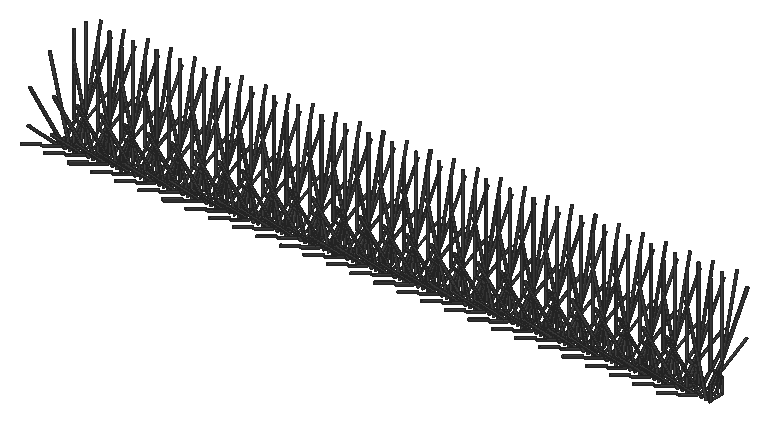
Revit family "Speciality_Equipment-Nixalite-Bird_Barrier_Strips_Model-S", category Specialty Equipment, host Face, Revit 2012
Parameters (values of type "2 Foot Strip")
  URL = "http://www.nixalite.com/default.aspx"
  Strip Material = Metal - Nixalite - Stainless Steel - Black
  Spike Material = Metal - Nixalite - Stainless Steel - Black
  Soft Tip Option = yes
  Product Page URL = "http://www.nixalite.com/nixalitemodels.aspx#Premium_Model_S"
  Product Documentation Link = "http://www.nixalite.com/PDFs/Nixalite%20Strip%20CSI.pdf"
  Model = "S"
  Manufacturer = "Nixalite"
  Description = "Premium Bird Barrier Strips"
  Default Elevation = 4' - 0"
  Assembly Code = "E1090900"
  4 Foot Strip Visibility = not([2 Foot Strip Visibility])  # no
  4 Foot Strip = 4' - 0"
  2 Foot Strip Visibility = yes
  2 Foot Strip = 2' - 0"
Types (3): name | 4 Foot Strip Visibility | 2 Foot Strip Visibility
  (no name) | no | yes
  4 Foot Strip | yes | no
  2 Foot Strip | no | yes
Reference planes (in)
  plane 1 "Center (Front/Back)": y = 0
  plane 2: z = 0
  plane 3 "Center (Left/Right)": x = 0
  plane 4: x = 24
  plane 5: x = -24
  plane 6: x = -22.28125
  plane 7: x = -12
  plane 8: x = 12
  plane 9: x = -23.14062
  plane 10: x = -22.28125
  plane 11: x = -21.42187
  plane 12: x = -20.5625
  plane 13: x = -19.70312
  plane 14: x = -18.84375
  plane 15: x = -17.98437
  plane 16: x = -17.125
  plane 17: x = -16.26562
  plane 18: x = -15.40625
  plane 19: x = -14.54687
  plane 20: x = -13.6875
  plane 21: x = -12.82813
  plane 22: x = -11.96875
  plane 23: x = -11.10938
  plane 24: x = -10.25
  plane 25: x = -9.39063
  plane 26: x = -8.53125
  plane 27: x = -7.67188
  plane 28: x = -6.8125
  plane 29: x = -5.95313
  plane 30: x = -5.09375
  plane 31: x = -4.23438
  plane 32: x = -3.375
  plane 33: x = -2.51563
  plane 34: x = -1.65625
  plane 35: x = -0.79688
  plane 36: x = 0.0625
  plane 37: x = 0.92187
  plane 38: x = 1.78125
  plane 39: x = 2.64062
  plane 40: x = 3.5
  plane 41: x = 4.35937
  plane 42: x = 5.21875
  plane 43: x = 6.07812
  plane 44: x = 6.9375
  plane 45: x = 7.79687
  plane 46: x = 8.65625
  plane 47: x = 9.51562
  plane 48: x = 10.375
  plane 49: x = 11.23437
  plane 50: x = 12.09375
  plane 51: x = 12.95312
  plane 52: x = 13.8125
  plane 53: x = 14.67187
  plane 54: x = 15.53125
  plane 55: x = 16.39062
  plane 56: x = 17.25
  plane 57: x = 18.10937
  plane 58: x = 18.96875
  plane 59: x = 19.82812
  plane 60: x = 20.6875
  plane 61: x = 21.54687
  plane 62: x = 22.40625
  plane 63: x = 23.26562
  plane 64: z = 0.06321
  plane 65: z = 0.09446
  plane 66: y = -0.15087
  plane 67: y = 0.15087
  plane 68: y = 2.04477
  plane 69: y = -2.04477
Forms (in)
  Extrusion 1, solid, material "Metal - Nixalite - Stainless Steel - Black" <- "Strip Material", not visible
    sketch origin (0, 0, 0) x (0, 1, 0) y (0, 0, 1)
      loop
        line (0.15087, 0.09446) -> (-0.15087, 0.09446) -> (-0.15087, 0.06321) -> (0.15087, 0.06321) -> (0.15087, 0.09446)
    from -12 to 12
  Extrusion 2, solid, material "Metal - Nixalite - Stainless Steel - Black" <- "Strip Material", visible <- "4 Foot Strip Visibility"
    sketch origin (-21.25, 0.02101, 0) x (0, 1, 0) y (0, 0, 1)
      loop
        line (0.12986, 0.09446) -> (-0.17188, 0.09446) -> (-0.17188, 0.06321) -> (0.12986, 0.06321) -> (0.12986, 0.09446)
    from -2.75 to 9.25
  Extrusion 3, solid, material "Metal - Nixalite - Stainless Steel - Black" <- "Strip Material", visible <- "4 Foot Strip Visibility"
    sketch origin (21.25, 0.02101, 0) x (0, 1, 0) y (0, 0, -1)
      loop
        line (0.12986, -0.09446) -> (0.12986, -0.06321) -> (-0.17188, -0.06321) -> (-0.17188, -0.09446) -> (0.12986, -0.09446)
    from -2.75 to 9.25
Lines and regions (in)
  Masking region 1, visible <- "4 Foot Strip Visibility", detail levels medium+fine
    outline origin (0, 0, 0) x (1, 0, 0) y (0, 1, 0)
      loop
        line (24, 0.15087) -> (-24, 0.15087) -> (-24, -0.15087) -> (24, -0.15087) -> (24, 0.15087)
  Masking region 2, detail levels medium+fine
    outline origin (0, 0, 0) x (1, 0, 0) y (0, 1, 0)
      loop
        line (-12, 0.15087) -> (-12, -0.15087) -> (12, -0.15087) -> (12, 0.15087) -> (-12, 0.15087)
  Masking region 3, visible <- "4 Foot Strip Visibility", detail levels coarse
    outline origin (0, 0, 0) x (1, 0, 0) y (0, 1, 0)
      loop
        line (-24, 2.04477) -> (-24, -2.04477) -> (24, -2.04477) -> (24, 2.04477) -> (-24, 2.04477)
  Masking region 4, visible <- "2 Foot Strip Visibility", detail levels coarse
    outline origin (0, 0, 0) x (1, 0, 0) y (0, 1, 0)
      loop
        line (-12, 2.04477) -> (-12, -2.04477) -> (12, -2.04477) -> (12, 2.04477) -> (-12, 2.04477)
Dimensions and locks (in)
  "4 Foot Strip": plane 5 to plane 4
  equal spacing: plane 5, plane 3 "Center (Left/Right)", plane 4
  equal spacing: plane 7, plane 3 "Center (Left/Right)", plane 8
  "2 Foot Strip": plane 7 to plane 8
  plane 64 to plane 65 = 0' - 0 1/32"
  equal spacing: plane 67, plane 1 "Center (Front/Back)", plane 66
  plane 67 to plane 66 = 0' - 0.30174"
  aligned and locked: plane 2 to host face
  aligned and locked: level to host face
  aligned and locked: plane 5 to nested 1
  aligned and locked: nested 2 to nested 1
  aligned and locked: plane 1 "Center (Front/Back)" to nested 2
  aligned and locked: nested 1 to plane 9
  aligned and locked: nested 3 to plane 10  (x2)
  aligned and locked: plane 1 "Center (Front/Back)" to nested 3
  aligned and locked: plane 1 "Center (Front/Back)" to nested 4
  aligned and locked: plane 1 "Center (Front/Back)" to nested 5
  aligned and locked: plane 1 "Center (Front/Back)" to nested 6
  aligned and locked: plane 1 "Center (Front/Back)" to nested 7
  aligned and locked: plane 1 "Center (Front/Back)" to nested 8
  aligned and locked: plane 1 "Center (Front/Back)" to nested 9
  aligned and locked: plane 1 "Center (Front/Back)" to nested 10
  aligned and locked: plane 1 "Center (Front/Back)" to nested 11
  aligned and locked: plane 1 "Center (Front/Back)" to nested 12
  aligned and locked: plane 1 "Center (Front/Back)" to nested 13
  aligned and locked: plane 1 "Center (Front/Back)" to nested 14
  aligned and locked: plane 1 "Center (Front/Back)" to nested 15
  aligned and locked: plane 1 "Center (Front/Back)" to nested 16
  aligned and locked: plane 1 "Center (Front/Back)" to nested 17
  aligned and locked: plane 1 "Center (Front/Back)" to nested 18
  aligned and locked: plane 1 "Center (Front/Back)" to nested 19
  aligned and locked: plane 1 "Center (Front/Back)" to nested 20
  aligned and locked: plane 1 "Center (Front/Back)" to nested 21
  aligned and locked: plane 1 "Center (Front/Back)" to nested 22
  aligned and locked: plane 1 "Center (Front/Back)" to nested 23
  aligned and locked: plane 1 "Center (Front/Back)" to nested 24
  aligned and locked: plane 1 "Center (Front/Back)" to nested 25
  aligned and locked: plane 1 "Center (Front/Back)" to nested 26
  aligned and locked: plane 1 "Center (Front/Back)" to nested 27
  aligned and locked: plane 1 "Center (Front/Back)" to nested 28
  aligned and locked: plane 1 "Center (Front/Back)" to nested 29
  aligned and locked: plane 1 "Center (Front/Back)" to nested 30
  aligned and locked: plane 1 "Center (Front/Back)" to nested 31
  aligned and locked: plane 1 "Center (Front/Back)" to nested 32
  aligned and locked: plane 1 "Center (Front/Back)" to nested 33
  aligned and locked: plane 1 "Center (Front/Back)" to nested 34
  aligned and locked: plane 1 "Center (Front/Back)" to nested 35
  aligned and locked: plane 1 "Center (Front/Back)" to nested 36
  aligned and locked: plane 1 "Center (Front/Back)" to nested 37
  aligned and locked: plane 1 "Center (Front/Back)" to nested 38
  aligned and locked: plane 1 "Center (Front/Back)" to nested 39
  aligned and locked: plane 1 "Center (Front/Back)" to nested 40
  aligned and locked: plane 1 "Center (Front/Back)" to nested 41
  aligned and locked: plane 1 "Center (Front/Back)" to nested 42
  aligned and locked: plane 1 "Center (Front/Back)" to nested 43
  aligned and locked: plane 1 "Center (Front/Back)" to nested 44
  aligned and locked: plane 1 "Center (Front/Back)" to nested 45
  aligned and locked: plane 1 "Center (Front/Back)" to nested 46
  aligned and locked: plane 1 "Center (Front/Back)" to nested 48
  aligned and locked: nested 46 to plane 1 "Center (Front/Back)"
  aligned and locked: plane 1 "Center (Front/Back)" to nested 47
  aligned and locked: plane 1 "Center (Front/Back)" to nested 49
  aligned and locked: plane 1 "Center (Front/Back)" to nested 51
  aligned and locked: plane 1 "Center (Front/Back)" to nested 52
  aligned and locked: plane 1 "Center (Front/Back)" to nested 54
  aligned and locked: plane 1 "Center (Front/Back)" to nested 56
  aligned and locked: plane 1 "Center (Front/Back)" to nested 50
  aligned and locked: plane 1 "Center (Front/Back)" to nested 53
  aligned and locked: plane 1 "Center (Front/Back)" to nested 55
  aligned and locked: nested 2 to plane 9
  aligned and locked: nested 4 to plane 11
  aligned and locked: nested 5 to plane 12
  aligned and locked: nested 6 to plane 13
  aligned and locked: nested 7 to plane 14
  aligned and locked: nested 8 to plane 15
  aligned and locked: nested 9 to plane 16
  aligned and locked: nested 10 to plane 17
  aligned and locked: nested 11 to plane 18
  aligned and locked: nested 12 to plane 19
  aligned and locked: nested 13 to plane 20
  aligned and locked: nested 14 to plane 21
  aligned and locked: nested 15 to plane 22
  aligned and locked: nested 16 to plane 23
  aligned and locked: nested 17 to plane 24
  aligned and locked: nested 18 to plane 25
  aligned and locked: nested 19 to plane 26
  aligned and locked: nested 20 to plane 27
  aligned and locked: nested 21 to plane 28
  aligned and locked: nested 22 to plane 29
  aligned and locked: nested 23 to plane 30
  aligned and locked: nested 24 to plane 31
  aligned and locked: nested 25 to plane 32
  aligned and locked: nested 26 to plane 33
  aligned and locked: nested 27 to plane 34
  aligned and locked: nested 28 to plane 35
  aligned and locked: nested 29 to plane 36
  aligned and locked: nested 30 to plane 37
  aligned and locked: nested 31 to plane 38
  aligned and locked: nested 32 to plane 39
  aligned and locked: nested 33 to plane 40
  aligned and locked: nested 34 to plane 41
  aligned and locked: nested 35 to plane 42
  aligned and locked: nested 36 to plane 43
  aligned and locked: nested 37 to plane 44
  aligned and locked: nested 38 to plane 45
  aligned and locked: nested 39 to plane 46
  aligned and locked: nested 40 to plane 47
  aligned and locked: nested 41 to plane 48
  aligned and locked: nested 42 to plane 49
  aligned and locked: nested 43 to plane 50
  aligned and locked: nested 44 to plane 51
  aligned and locked: nested 45 to plane 52
  aligned and locked: nested 46 to plane 53
  aligned and locked: nested 47 to plane 54
  aligned and locked: nested 48 to plane 55
  aligned and locked: nested 49 to plane 56
  aligned and locked: nested 50 to plane 57
  aligned and locked: nested 51 to plane 58
  aligned and locked: nested 52 to plane 59
  aligned and locked: nested 53 to plane 60
  aligned and locked: nested 54 to plane 61
  aligned and locked: nested 55 to plane 62
  aligned and locked: nested 56 to plane 63
  aligned and locked: plane 67 to Extrusion 1 sketch curve
  aligned and locked: plane 65 to Extrusion 1 sketch curve
  aligned and locked: plane 64 to Extrusion 1 sketch curve
  aligned and locked: plane 66 to Extrusion 1 sketch curve
  aligned and locked: Extrusion 1 to plane 7
  aligned and locked: plane 8 to Extrusion 1
  aligned and locked: plane 66 to Extrusion 2
  aligned and locked: Extrusion 2 to plane 67
  aligned and locked: plane 7 to Extrusion 2
  aligned and locked: Extrusion 2 to plane 5
  aligned and locked: Extrusion 2 to plane 65
  aligned and locked: plane 64 to Extrusion 2
  aligned and locked: Extrusion 3 to plane 8
  aligned and locked: Extrusion 3 to plane 67
  aligned and locked: plane 66 to Extrusion 3
  aligned and locked: plane 4 to Extrusion 3
  aligned and locked: Extrusion 3 to plane 65
  aligned and locked: plane 64 to Extrusion 3
  aligned and locked: plane 2 to nested 1
  aligned and locked: plane 2 to nested 2
  aligned and locked: plane 2 to nested 3
  aligned and locked: plane 2 to nested 4
  aligned and locked: plane 2 to nested 5
  aligned and locked: plane 2 to nested 6
  aligned and locked: plane 2 to nested 7
  aligned and locked: plane 2 to nested 8
  aligned and locked: plane 2 to nested 9
  aligned and locked: plane 2 to nested 10
  aligned and locked: plane 2 to nested 11
  aligned and locked: plane 2 to nested 12
  aligned and locked: plane 2 to nested 13
  aligned and locked: plane 2 to nested 14
  aligned and locked: plane 2 to nested 15
  aligned and locked: plane 2 to nested 16
  aligned and locked: plane 2 to nested 17
  aligned and locked: plane 2 to nested 18
  aligned and locked: plane 2 to nested 19
  aligned and locked: plane 2 to nested 20
  aligned and locked: plane 2 to nested 21
  aligned and locked: plane 2 to nested 22
  aligned and locked: plane 2 to nested 23
  aligned and locked: plane 2 to nested 24
  aligned and locked: plane 2 to nested 25
  aligned and locked: plane 2 to nested 26
  aligned and locked: plane 2 to nested 27
  aligned and locked: plane 2 to nested 28
  aligned and locked: plane 2 to nested 29
  aligned and locked: plane 2 to nested 30
  aligned and locked: plane 2 to nested 31
  aligned and locked: plane 2 to nested 32
  aligned and locked: plane 2 to nested 33
  aligned and locked: plane 2 to nested 34
  aligned and locked: plane 2 to nested 35
  aligned and locked: plane 2 to nested 36
  aligned and locked: plane 2 to nested 37
  aligned and locked: plane 2 to nested 38
  aligned and locked: plane 2 to nested 39
  aligned and locked: plane 2 to nested 40
  aligned and locked: plane 2 to nested 41
  aligned and locked: plane 2 to nested 42
  aligned and locked: plane 2 to nested 43
  aligned and locked: plane 2 to nested 44
  aligned and locked: plane 2 to nested 45
  aligned and locked: plane 2 to nested 46
  aligned and locked: plane 2 to nested 47
  aligned and locked: plane 2 to nested 48
  aligned and locked: plane 2 to nested 49
  aligned and locked: plane 2 to nested 50
  aligned and locked: plane 2 to nested 56
  aligned and locked: plane 2 to nested 55
  aligned and locked: plane 2 to nested 54
  aligned and locked: plane 2 to nested 53
  aligned and locked: plane 2 to nested 52
  aligned and locked: plane 2 to nested 51
  aligned and locked: plane 68 to nested 2
  aligned and locked: plane 69 to nested 5
  aligned and locked: Masking region 1 sketch curve to plane 4
  aligned and locked: Masking region 1 sketch curve to plane 66
  aligned and locked: Masking region 1 sketch curve to plane 67
  aligned and locked: Masking region 1 sketch curve to plane 5
  aligned and locked: Masking region 2 sketch curve to plane 7
  aligned and locked: Masking region 2 sketch curve to plane 66
  aligned and locked: Masking region 2 sketch curve to plane 67
  aligned and locked: Masking region 2 sketch curve to plane 8
  aligned and locked: Masking region 3 sketch curve to plane 5
  aligned and locked: Masking region 3 sketch curve to plane 69
  aligned and locked: Masking region 3 sketch curve to plane 68
  aligned and locked: Masking region 3 sketch curve to plane 4
  aligned and locked: Masking region 4 sketch curve to plane 7
  aligned and locked: Masking region 4 sketch curve to plane 69
  aligned and locked: Masking region 4 sketch curve to plane 68
  aligned and locked: Masking region 4 sketch curve to plane 8
Automatic sketch dimensions
  host sketch curve to host sketch curve = 8' - 0"  (x2)
  plane 65 to Extrusion 2 sketch curve = 0' - 0"
  Extrusion 2 sketch curve to plane 66 = 0' - 0"
  plane 64 to Extrusion 2 sketch curve = 0' - 0"
  Extrusion 2 sketch curve to plane 67 = 0' - 0"
  Extrusion 3 sketch curve to plane 65 = 0' - 0"
  Extrusion 3 sketch curve to plane 66 = 0' - 0"
  plane 64 to Extrusion 3 sketch curve = 0' - 0"
  Extrusion 3 sketch curve to plane 67 = 0' - 0"
Nested families (in)
  nested 1: "Premium Bird Barrier Strips Model S Module" at (-24, 0, 0), visible <- "4 Foot Strip Visibility", type "Premium Bird Barrier Strips Model S Module"
  nested 2: "Premium Bird Barrier Strips Model S Module" at (-23.14063, 0, 0), visible <- "4 Foot Strip Visibility", type "Premium Bird Barrier Strips Model S Module"
  nested 3: "Premium Bird Barrier Strips Model S Module" at (-22.28125, 0, 0), visible <- "4 Foot Strip Visibility", type "Premium Bird Barrier Strips Model S Module"
  nested 4: "Premium Bird Barrier Strips Model S Module" at (-21.42188, 0, 0), visible <- "4 Foot Strip Visibility", type "Premium Bird Barrier Strips Model S Module"
  nested 5: "Premium Bird Barrier Strips Model S Module" at (-20.5625, 0, 0), visible <- "4 Foot Strip Visibility", type "Premium Bird Barrier Strips Model S Module"
  nested 6: "Premium Bird Barrier Strips Model S Module" at (-19.70313, 0, 0), visible <- "4 Foot Strip Visibility", type "Premium Bird Barrier Strips Model S Module"
  nested 7: "Premium Bird Barrier Strips Model S Module" at (-18.84375, 0, 0), visible <- "4 Foot Strip Visibility", type "Premium Bird Barrier Strips Model S Module"
  nested 8: "Premium Bird Barrier Strips Model S Module" at (-17.98438, 0, 0), visible <- "4 Foot Strip Visibility", type "Premium Bird Barrier Strips Model S Module"
  nested 9: "Premium Bird Barrier Strips Model S Module" at (-17.125, 0, 0), visible <- "4 Foot Strip Visibility", type "Premium Bird Barrier Strips Model S Module"
  nested 10: "Premium Bird Barrier Strips Model S Module" at (-16.26563, 0, 0), visible <- "4 Foot Strip Visibility", type "Premium Bird Barrier Strips Model S Module"
  nested 11: "Premium Bird Barrier Strips Model S Module" at (-15.40625, 0, 0), visible <- "4 Foot Strip Visibility", type "Premium Bird Barrier Strips Model S Module"
  nested 12: "Premium Bird Barrier Strips Model S Module" at (-14.54688, 0, 0), visible <- "4 Foot Strip Visibility", type "Premium Bird Barrier Strips Model S Module"
  nested 13: "Premium Bird Barrier Strips Model S Module" at (-13.6875, 0, 0), visible <- "4 Foot Strip Visibility", type "Premium Bird Barrier Strips Model S Module"
  nested 14: "Premium Bird Barrier Strips Model S Module" at (-12.82813, 0, 0), visible <- "4 Foot Strip Visibility", type "Premium Bird Barrier Strips Model S Module"
  nested 15: "Premium Bird Barrier Strips Model S Module" at (-11.96875, 0, 0), type "Premium Bird Barrier Strips Model S Module"
  nested 16: "Premium Bird Barrier Strips Model S Module" at (-11.10938, 0, 0), type "Premium Bird Barrier Strips Model S Module"
  nested 17: "Premium Bird Barrier Strips Model S Module" at (-10.25, 0, 0), type "Premium Bird Barrier Strips Model S Module"
  nested 18: "Premium Bird Barrier Strips Model S Module" at (-9.39063, 0, 0), type "Premium Bird Barrier Strips Model S Module"
  nested 19: "Premium Bird Barrier Strips Model S Module" at (-8.53125, 0, 0), type "Premium Bird Barrier Strips Model S Module"
  nested 20: "Premium Bird Barrier Strips Model S Module" at (-7.67188, 0, 0), type "Premium Bird Barrier Strips Model S Module"
  nested 21: "Premium Bird Barrier Strips Model S Module" at (-6.8125, 0, 0), type "Premium Bird Barrier Strips Model S Module"
  nested 22: "Premium Bird Barrier Strips Model S Module" at (-5.95313, 0, 0), type "Premium Bird Barrier Strips Model S Module"
  nested 23: "Premium Bird Barrier Strips Model S Module" at (-5.09375, 0, 0), type "Premium Bird Barrier Strips Model S Module"
  nested 24: "Premium Bird Barrier Strips Model S Module" at (-4.23438, 0, 0), type "Premium Bird Barrier Strips Model S Module"
  nested 25: "Premium Bird Barrier Strips Model S Module" at (-3.375, 0, 0), type "Premium Bird Barrier Strips Model S Module"
  nested 26: "Premium Bird Barrier Strips Model S Module" at (-2.51563, 0, 0), type "Premium Bird Barrier Strips Model S Module"
  nested 27: "Premium Bird Barrier Strips Model S Module" at (-1.65625, 0, 0), type "Premium Bird Barrier Strips Model S Module"
  nested 28: "Premium Bird Barrier Strips Model S Module" at (-0.79688, 0, 0), type "Premium Bird Barrier Strips Model S Module"
  nested 29: "Premium Bird Barrier Strips Model S Module" at (0.0625, 0, 0), type "Premium Bird Barrier Strips Model S Module"
  nested 30: "Premium Bird Barrier Strips Model S Module" at (0.92187, 0, 0), type "Premium Bird Barrier Strips Model S Module"
  nested 31: "Premium Bird Barrier Strips Model S Module" at (1.78125, 0, 0), type "Premium Bird Barrier Strips Model S Module"
  nested 32: "Premium Bird Barrier Strips Model S Module" at (2.64062, 0, 0), type "Premium Bird Barrier Strips Model S Module"
  nested 33: "Premium Bird Barrier Strips Model S Module" at (3.5, 0, 0), type "Premium Bird Barrier Strips Model S Module"
  nested 34: "Premium Bird Barrier Strips Model S Module" at (4.35937, 0, 0), type "Premium Bird Barrier Strips Model S Module"
  nested 35: "Premium Bird Barrier Strips Model S Module" at (5.21875, 0, 0), type "Premium Bird Barrier Strips Model S Module"
  nested 36: "Premium Bird Barrier Strips Model S Module" at (6.07812, 0, 0), type "Premium Bird Barrier Strips Model S Module"
  nested 37: "Premium Bird Barrier Strips Model S Module" at (6.9375, 0, 0), type "Premium Bird Barrier Strips Model S Module"
  nested 38: "Premium Bird Barrier Strips Model S Module" at (7.79687, 0, 0), type "Premium Bird Barrier Strips Model S Module"
  nested 39: "Premium Bird Barrier Strips Model S Module" at (8.65625, 0, 0), type "Premium Bird Barrier Strips Model S Module"
  nested 40: "Premium Bird Barrier Strips Model S Module" at (9.51562, 0, 0), type "Premium Bird Barrier Strips Model S Module"
  nested 41: "Premium Bird Barrier Strips Model S Module" at (10.375, 0, 0), type "Premium Bird Barrier Strips Model S Module"
  nested 42: "Premium Bird Barrier Strips Model S Module" at (11.23437, 0, 0), type "Premium Bird Barrier Strips Model S Module"
  nested 43: "Premium Bird Barrier Strips Model S Module" at (12.09375, 0, 0), visible <- "4 Foot Strip Visibility", type "Premium Bird Barrier Strips Model S Module"
  nested 44: "Premium Bird Barrier Strips Model S Module" at (12.95312, 0, 0), visible <- "4 Foot Strip Visibility", type "Premium Bird Barrier Strips Model S Module"
  nested 45: "Premium Bird Barrier Strips Model S Module" at (13.8125, 0, 0), visible <- "4 Foot Strip Visibility", type "Premium Bird Barrier Strips Model S Module"
  nested 46: "Premium Bird Barrier Strips Model S Module" at (14.67187, 0, 0), visible <- "4 Foot Strip Visibility", type "Premium Bird Barrier Strips Model S Module"
  nested 47: "Premium Bird Barrier Strips Model S Module" at (15.53125, 0, 0), visible <- "4 Foot Strip Visibility", type "Premium Bird Barrier Strips Model S Module"
  nested 48: "Premium Bird Barrier Strips Model S Module" at (16.39062, 0, 0), visible <- "4 Foot Strip Visibility", type "Premium Bird Barrier Strips Model S Module"
  nested 49: "Premium Bird Barrier Strips Model S Module" at (17.25, 0, 0), visible <- "4 Foot Strip Visibility", type "Premium Bird Barrier Strips Model S Module"
  nested 50: "Premium Bird Barrier Strips Model S Module" at (18.10937, 0, 0), visible <- "4 Foot Strip Visibility", type "Premium Bird Barrier Strips Model S Module"
  nested 51: "Premium Bird Barrier Strips Model S Module" at (18.96875, 0, 0), visible <- "4 Foot Strip Visibility", type "Premium Bird Barrier Strips Model S Module"
  nested 52: "Premium Bird Barrier Strips Model S Module" at (19.82812, 0, 0), visible <- "4 Foot Strip Visibility", type "Premium Bird Barrier Strips Model S Module"
  nested 53: "Premium Bird Barrier Strips Model S Module" at (20.6875, 0, 0), visible <- "4 Foot Strip Visibility", type "Premium Bird Barrier Strips Model S Module"
  nested 54: "Premium Bird Barrier Strips Model S Module" at (21.54687, 0, 0), visible <- "4 Foot Strip Visibility", type "Premium Bird Barrier Strips Model S Module"
  nested 55: "Premium Bird Barrier Strips Model S Module" at (22.40625, 0, 0), visible <- "4 Foot Strip Visibility", type "Premium Bird Barrier Strips Model S Module"
  nested 56: "Premium Bird Barrier Strips Model S Module" at (23.26562, 0, 0), visible <- "4 Foot Strip Visibility", type "Premium Bird Barrier Strips Model S Module"
Definition of nested family "Premium Bird Barrier Strips Model S Module"
  Parameters (values of type "Premium Bird Barrier Strips Model S Module")
    Width = 0' - 0 11/64"
    W = 0' - 0 1/4"
    Spike Material = Metal - Nixalite - Stainless Steel - Black
    Default Elevation = 4' - 0"
  Reference planes (in)
    plane 1 "Center (Front/Back)": y = 0
    plane 2: z = 0
    plane 3 "Center (Left/Right)": x = 0
    plane 4: y = 0.125
    plane 5: y = -0.125
    plane 6: z = 0.90295
    plane 7: z = 1.19797
    plane 8: z = 2.71687
    plane 9: z = 3.62745
    plane 10: z = 4.01301
    plane 11: x = 0.17188
    plane 12: x = 0.34375
    plane 13: x = 0.51563
    plane 14: x = 0.6875
    plane 15: y = 0
    plane 16: x = 0
    plane 17: x = 0.85938
    plane 18: z = 0
  Forms (in)
    Extrusion 1, solid
      sketch origin (0, 0, 0) x (1, 0, 0) y (0, 1, 0)
        loop
          line (-48, 48) -> (-48, -48) -> (48, -48) -> (48, 48) -> (-48, 48)
      from 0 to -12
    Sweep 2, solid, material "Metal - Nixalite - Stainless Steel - Black" <- "Spike Material"
      path in 3D
        loop
          line (0.03163, 1.47954, 1.19797) -> (0.03163, 0.20124, 0.06139) -> (0.03163, -0.20124, 0.06139) -> (0.03163, -1.47954, 1.19797)
      profile origin (0.03163, 0, 0.06139) x (0, 0, -1) y (1, 0, 0)
        loop
          circle (0.03007, 0) r 0.03163
    Sweep 3, solid, material "Metal - Nixalite - Stainless Steel - Black" <- "Spike Material"
      path in 3D
        loop
          line (0.2035, 2.01832, 0.90295) -> (0.2035, 0.24444, 0.06139) -> (0.2035, -0.24444, 0.06139) -> (0.2035, -2.01832, 0.90295)
      profile origin (0.2035, 1.13138, 0.48217) x (0, 0.428628, -0.903481) y (1, 0, 0)
        loop
          circle (0.03007, 0) r 0.03163
    Sweep 4, solid, material "Metal - Nixalite - Stainless Steel - Black" <- "Spike Material"
      path in 3D
        loop
          line (0.37538, 1.82521, 2.71687) -> (0.37538, 0.22964, 0.06139) -> (0.37538, -0.22964, 0.06139) -> (0.37538, -1.82521, 2.71687)
      profile origin (0.37538, 0, 0.06139) x (0, 0, -1) y (1, 0, 0)
        loop
          circle (0.03007, 0) r 0.03163
    Sweep 5, solid, material "Metal - Nixalite - Stainless Steel - Black" <- "Spike Material"
      path in 3D
        loop
          line (0.54725, 1.1249, 3.62745) -> (0.54725, 0.22964, 0.06139) -> (0.54725, -0.22964, 0.06139) -> (0.54725, -1.1249, 3.62745)
      profile origin (0.54725, 0, 0.06139) x (0, 0, -1) y (1, 0, 0)
        loop
          circle (0.03007, 0) r 0.03163
    Sweep 6, solid, material "Metal - Nixalite - Stainless Steel - Black" <- "Spike Material"
      path in 3D
        loop
          line (0.71913, -0.29117, 4.01301) -> (0.71913, -0.29117, 1.09187) -> (0.71913, 0.24117, 0.55953) -> (0.71913, 0.23695, 0.06139) -> (0.71913, -0.23695, 0.06139) -> (0.71913, -0.24117, 0.55953) -> (0.71913, 0.29117, 1.09187) -> (0.71913, 0.29117, 4.01301)
      profile origin (0.71913, 0, 0.06139) x (0, 0, -1) y (1, 0, 0)
        loop
          circle (0.03007, 0) r 0.03163
  Lines and regions (in)
    Masking region 1, detail levels medium+fine
      outline origin (0, 0, 0) x (1, 0, 0) y (0, 1, 0)
        loop
          arc (0, -1.50301) -> (0.03139, -1.52186) -> (0.06279, -1.50301) r 0.03557
          line (0.06279, -1.50301) -> (0.06279, 1.50301)
          arc (0.06279, 1.50301) -> (0.03139, 1.52186) -> (0, 1.50301) r 0.03557
          line (0, 1.50301) -> (0, -1.50301)
        loop
          arc (0.17188, -2.03081) -> (0.2035, -2.04477) -> (0.23513, -2.03081) r 0.04281
          line (0.23513, -2.03081) -> (0.23513, 2.0303)
          arc (0.23513, 2.0303) -> (0.20363, 2.04662) -> (0.17188, 2.03081) r 0.03916
          line (0.17188, 2.03081) -> (0.17188, -2.03081)
        loop
          arc (0.34375, -1.86674) -> (0.37538, -1.8807) -> (0.40701, -1.86674) r 0.04281
          line (0.40701, -1.86674) -> (0.40701, 1.86234)
          arc (0.40701, 1.86234) -> (0.37551, 1.87866) -> (0.34375, 1.86284) r 0.03916
          line (0.34375, 1.86284) -> (0.34375, -1.86674)
        loop
          arc (0.51563, -1.16707) -> (0.54702, -1.18592) -> (0.57841, -1.16707) r 0.03557
          line (0.57841, -1.16707) -> (0.57841, 1.16707)
          arc (0.57841, 1.16707) -> (0.54702, 1.18592) -> (0.51563, 1.16707) r 0.03557
          line (0.51563, 1.16707) -> (0.51563, -1.16707)
        loop
          arc (0.74997, 0.27203) -> (0.71913, 0.30287) -> (0.68829, 0.27203) r 0.03084
          line (0.68829, 0.27203) -> (0.68829, -0.27203)
          arc (0.68829, -0.27203) -> (0.71913, -0.30287) -> (0.74997, -0.27203) r 0.03084
          line (0.74997, -0.27203) -> (0.74997, 0.27203)
    sketch lines
      curve 1: line (0.03163, 0.20124, 0.06139) -> (0.03163, -0.20124, 0.06139)
      curve 2: line (0.03163, 1.47954, 1.19797) -> (0.03163, 0.20124, 0.06139)
      curve 3: line (0.03163, -1.47954, 1.19797) -> (0.03163, -0.20124, 0.06139)
      curve 4: line (0.2035, 2.01832, 0.90295) -> (0.2035, 0.24444, 0.06139)
      curve 5: line (0.2035, 0.24444, 0.06139) -> (0.2035, -0.24444, 0.06139)
      curve 6: line (0.2035, -0.24444, 0.06139) -> (0.2035, -2.01832, 0.90295)
      curve 7: line (0.37538, 0.22964, 0.06139) -> (0.37538, -0.22964, 0.06139)
      curve 8: line (0.37538, 1.82521, 2.71687) -> (0.37538, 0.22964, 0.06139)
      curve 9: line (0.37538, -1.82521, 2.71687) -> (0.37538, -0.22964, 0.06139)
      curve 10: line (0.54725, 0.22964, 0.06139) -> (0.54725, -0.22964, 0.06139)
      curve 11: line (0.54725, 1.1249, 3.62745) -> (0.54725, 0.22964, 0.06139)
      curve 12: line (0.54725, -1.1249, 3.62745) -> (0.54725, -0.22964, 0.06139)
      curve 13: line (0.71913, 0.23695, 0.06139) -> (0.71913, -0.23695, 0.06139)
      curve 14: line (0.71913, 0.24117, 0.55953) -> (0.71913, 0.23695, 0.06139)
      curve 15: line (0.71913, 0.24117, 0.55953) -> (0.71913, -0.29117, 1.09187)
      curve 16: line (0.71913, -0.29117, 1.09187) -> (0.71913, -0.29117, 4.01301)
      curve 17: line (0.71913, -0.24117, 0.55953) -> (0.71913, -0.23695, 0.06139)
      curve 18: line (0.71913, -0.24117, 0.55953) -> (0.71913, 0.29117, 1.09187)
      curve 19: line (0.71913, 0.29117, 1.09187) -> (0.71913, 0.29117, 4.01301)
  Dimensions and locks (in)
    equal spacing: plane 4, plane 1 "Center (Front/Back)", plane 5
    "W": plane 4 to plane 5
    "Width": plane 3 "Center (Left/Right)" to plane 11
    "Width": plane 11 to plane 12
    "Width": plane 12 to plane 13
    "Width": plane 13 to plane 14
    "Width": plane 14 to plane 17
    aligned and locked: plane 2 to Extrusion 1
    aligned and locked: level to Extrusion 1
    aligned and locked: plane 15 to plane 1 "Center (Front/Back)"
    aligned and locked: plane 3 "Center (Left/Right)" to plane 16
    aligned and locked: level to plane 18
  Automatic sketch dimensions
    Extrusion 1 sketch curve to Extrusion 1 sketch curve = 8' - 0"  (x2)
    Sweep 2 sketch curve to profile plane = 0' - 0"
    Sweep 2 sketch curve to profile plane = 0' - 0.03007"
    Sweep 3 sketch curve to profile plane = 0' - 0"
    Sweep 3 sketch curve to profile plane = 0' - 0.03007"
    Sweep 4 sketch curve to profile plane = 0' - 0"
    Sweep 4 sketch curve to profile plane = 0' - 0.03007"
    Sweep 5 sketch curve to profile plane = 0' - 0"
    Sweep 5 sketch curve to profile plane = 0' - 0.03007"
    Sweep 6 sketch curve to profile plane = 0' - 0"
    Sweep 6 sketch curve to profile plane = 0' - 0.03007"
    Masking region 1 sketch curve to plane 3 "Center (Left/Right)" = 0' - 0"
    Masking region 1 sketch curve to plane 11 = 0' - 0"
    Masking region 1 sketch curve to plane 12 = 0' - 0"
    Masking region 1 sketch curve to plane 13 = 0' - 0"
    plane 3 "Center (Left/Right)" to Masking region 1 sketch curve = 0' - 0.03139"  (x2)
    Masking region 1 sketch curve to Masking region 1 sketch curve = 0' - 0.03139"  (x2)
    Masking region 1 sketch curve to plane 11 = 0' - 0.03145"
    Masking region 1 sketch curve to plane 11 = 0' - 0.03163"
    Masking region 1 sketch curve to Masking region 1 sketch curve = 0' - 0.03181"  (x2)
    Masking region 1 sketch curve to plane 12 = 0' - 0.03145"
    Masking region 1 sketch curve to plane 12 = 0' - 0.03163"
    Masking region 1 sketch curve to plane 13 = 0' - 0.03139"  (x2)
    Masking region 1 sketch curve to plane 14 = 0' - 0.00079"
    Masking region 1 sketch curve to Masking region 1 sketch curve = 0' - 0.03084"
    Masking region 1 sketch curve to plane 5 = 0' - 0.14703"
    Masking region 1 sketch curve to Masking region 1 sketch curve = 0' - 0.87832"  (x2)
    Masking region 1 sketch curve to Masking region 1 sketch curve = 0' - 0.01673"  (x4)
    Masking region 1 sketch curve to Masking region 1 sketch curve = 0' - 0.31921"  (x2)
    Masking region 1 sketch curve to Masking region 1 sketch curve = 0' - 0.33488"
    Masking region 1 sketch curve to Masking region 1 sketch curve = 0' - 0.02885"  (x2)
    Masking region 1 sketch curve to Masking region 1 sketch curve = 0' - 0.13521"
    plane 4 to Masking region 1 sketch curve = 0' - 0.14703"
    Masking region 1 sketch curve to Masking region 1 sketch curve = 0' - 0.33648"
    Masking region 1 sketch curve to Masking region 1 sketch curve = 0' - 0.02284"  (x2)
    Masking region 1 sketch curve to Masking region 1 sketch curve = 0' - 0.14462"
    radius of Sweep 2 sketch curve = 0' - 0.03163"
    radius of Sweep 3 sketch curve = 0' - 0.03163"
    radius of Sweep 4 sketch curve = 0' - 0.03163"
    radius of Sweep 5 sketch curve = 0' - 0.03163"
    radius of Sweep 6 sketch curve = 0' - 0.03163"
